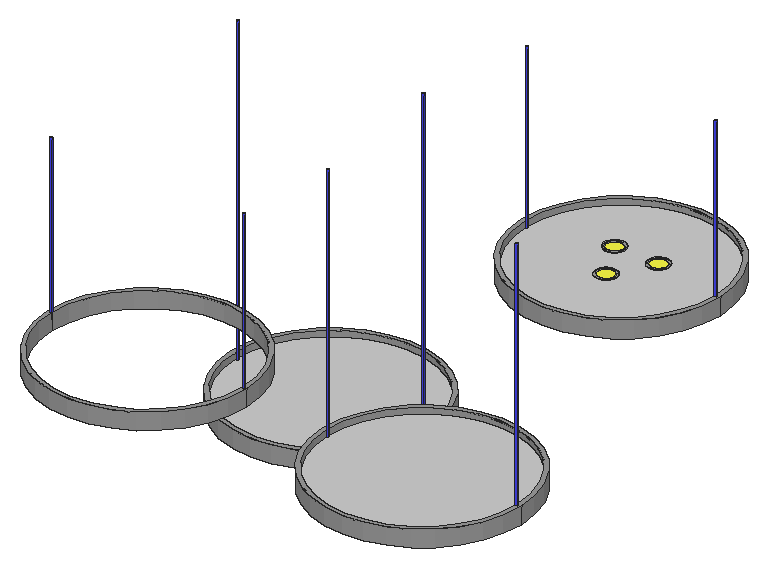
Revit family "CLD-FMD-009_CLUD MORPH_RFA", category Modelos genéricos, Revit 2022 (continued)
Forms (in)
  Extrusion 208, solid, not visible
    sketch origin (0, 24, 0) x (0, 1, 0) y (0, 0, 1)
      loop
        line (0.42351, 2.24072) -> (0.33294, 2.15016) -> (0.33294, 1.7291)
    from 0 to 96.9361
  Extrusion 209, solid, not visible
    sketch origin (0, 48, 0) x (0, 1, 0) y (0, 0, 1)
      loop
        line (0.42221, 1.66259) -> (0.42231, 0.67354)
        arc (0.42231, 0.67354) -> (0.41009, 0.64403) -> (0.38057, 0.6318) r 0.04174
        line (0.38057, 0.6318) -> (-0.00639, 0.6318) -> (-0.00639, 0.59057) -> (0.8874, 0.59057) -> (0.8874, 0.6318) -> (0.49998, 0.6318)
        arc (0.49998, 0.6318) -> (0.47046, 0.64403) -> (0.45824, 0.67354) r 0.04174
        line (0.45824, 0.67354) -> (0.45834, 1.66259)
        arc (0.45834, 1.66259) -> (0.46543, 1.67969) -> (0.48252, 1.68677) r 0.02418
        line (0.48252, 1.68677) -> (0.52252, 1.68677)
        arc (0.52252, 1.68677) -> (0.55303, 1.69941) -> (0.56566, 1.72991) r 0.04314
        line (0.56566, 1.72991) -> (0.56566, 2.14095)
        arc (0.56566, 2.14095) -> (0.5626, 2.15637) -> (0.55386, 2.16944) r 0.04029
        line (0.55386, 2.16944) -> (0.47053, 2.25277)
        arc (0.47053, 2.25277) -> (0.44027, 2.2653) -> (0.41002, 2.25277) r 0.04279
        line (0.41002, 2.25277) -> (0.32669, 2.16944)
        arc (0.32669, 2.16944) -> (0.31795, 2.15637) -> (0.31489, 2.14095) r 0.04029
        line (0.31489, 2.14095) -> (0.31489, 1.72991)
        arc (0.31489, 1.72991) -> (0.32752, 1.69941) -> (0.35803, 1.68677) r 0.04314
        line (0.35803, 1.68677) -> (0.39803, 1.68677)
        arc (0.39803, 1.68677) -> (0.41512, 1.67969) -> (0.42221, 1.66259) r 0.02418
      loop
        arc (0.33294, 1.7291) -> (0.34005, 1.71194) -> (0.35722, 1.70483) r 0.02428
        line (0.35722, 1.70483) -> (0.39815, 1.70483)
        arc (0.39815, 1.70483) -> (0.42797, 1.69248) -> (0.44023, 1.66266) r 0.04217
        arc (0.44023, 1.66266) -> (0.45258, 1.69248) -> (0.4824, 1.70483) r 0.04217
        line (0.4824, 1.70483) -> (0.52333, 1.70483)
        arc (0.52333, 1.70483) -> (0.54049, 1.71194) -> (0.54761, 1.7291) r 0.02428
        line (0.54761, 1.7291) -> (0.54761, 2.15016) -> (0.45704, 2.24072)
        arc (0.45704, 2.24072) -> (0.44027, 2.24767) -> (0.42351, 2.24072) r 0.02371
        line (0.42351, 2.24072) -> (0.33294, 2.15016) -> (0.33294, 1.7291)
    from 0 to 96.9361
  Extrusion 210, solid, not visible
    sketch origin (0, 72, 0) x (0, 1, 0) y (0, 0, 1)
      loop
        line (0.42221, 1.66259) -> (0.42231, 0.67354)
        arc (0.42231, 0.67354) -> (0.41009, 0.64403) -> (0.38057, 0.6318) r 0.04174
        line (0.38057, 0.6318) -> (-0.00639, 0.6318) -> (-0.00639, 0.59057) -> (0.8874, 0.59057) -> (0.8874, 0.6318) -> (0.49998, 0.6318)
        arc (0.49998, 0.6318) -> (0.47046, 0.64403) -> (0.45824, 0.67354) r 0.04174
        line (0.45824, 0.67354) -> (0.45834, 1.66259)
        arc (0.45834, 1.66259) -> (0.46543, 1.67969) -> (0.48252, 1.68677) r 0.02418
        line (0.48252, 1.68677) -> (0.52252, 1.68677)
        arc (0.52252, 1.68677) -> (0.55303, 1.69941) -> (0.56566, 1.72991) r 0.04314
        line (0.56566, 1.72991) -> (0.56566, 2.14095)
        arc (0.56566, 2.14095) -> (0.5626, 2.15637) -> (0.55386, 2.16944) r 0.04029
        line (0.55386, 2.16944) -> (0.47053, 2.25277)
        arc (0.47053, 2.25277) -> (0.44027, 2.2653) -> (0.41002, 2.25277) r 0.04279
        line (0.41002, 2.25277) -> (0.32669, 2.16944)
        arc (0.32669, 2.16944) -> (0.31795, 2.15637) -> (0.31489, 2.14095) r 0.04029
        line (0.31489, 2.14095) -> (0.31489, 1.72991)
        arc (0.31489, 1.72991) -> (0.32752, 1.69941) -> (0.35803, 1.68677) r 0.04314
        line (0.35803, 1.68677) -> (0.39803, 1.68677)
        arc (0.39803, 1.68677) -> (0.41512, 1.67969) -> (0.42221, 1.66259) r 0.02418
      loop
        arc (0.33294, 1.7291) -> (0.34005, 1.71194) -> (0.35722, 1.70483) r 0.02428
        line (0.35722, 1.70483) -> (0.39815, 1.70483)
        arc (0.39815, 1.70483) -> (0.42797, 1.69248) -> (0.44023, 1.66266) r 0.04217
        arc (0.44023, 1.66266) -> (0.45258, 1.69248) -> (0.4824, 1.70483) r 0.04217
        line (0.4824, 1.70483) -> (0.52333, 1.70483)
        arc (0.52333, 1.70483) -> (0.54049, 1.71194) -> (0.54761, 1.7291) r 0.02428
        line (0.54761, 1.7291) -> (0.54761, 2.15016) -> (0.45704, 2.24072)
        arc (0.45704, 2.24072) -> (0.44027, 2.24767) -> (0.42351, 2.24072) r 0.02371
        line (0.42351, 2.24072) -> (0.33294, 2.15016) -> (0.33294, 1.7291)
    from 0 to 96.9361
  Extrusion 211, solid, not visible
    sketch origin (0, 96, 0) x (0, 1, 0) y (0, 0, 1)
      loop
        line (0.42221, 1.66259) -> (0.42231, 0.67354)
        arc (0.42231, 0.67354) -> (0.41009, 0.64403) -> (0.38057, 0.6318) r 0.04174
        line (0.38057, 0.6318) -> (-0.00639, 0.6318) -> (-0.00639, 0.59057) -> (0.8874, 0.59057) -> (0.8874, 0.6318) -> (0.49998, 0.6318)
        arc (0.49998, 0.6318) -> (0.47046, 0.64403) -> (0.45824, 0.67354) r 0.04174
        line (0.45824, 0.67354) -> (0.45834, 1.66259)
        arc (0.45834, 1.66259) -> (0.46543, 1.67969) -> (0.48252, 1.68677) r 0.02418
        line (0.48252, 1.68677) -> (0.52252, 1.68677)
        arc (0.52252, 1.68677) -> (0.55303, 1.69941) -> (0.56566, 1.72991) r 0.04314
        line (0.56566, 1.72991) -> (0.56566, 2.14095)
        arc (0.56566, 2.14095) -> (0.5626, 2.15637) -> (0.55386, 2.16944) r 0.04029
        line (0.55386, 2.16944) -> (0.47053, 2.25277)
        arc (0.47053, 2.25277) -> (0.44027, 2.2653) -> (0.41002, 2.25277) r 0.04279
        line (0.41002, 2.25277) -> (0.32669, 2.16944)
        arc (0.32669, 2.16944) -> (0.31795, 2.15637) -> (0.31489, 2.14095) r 0.04029
        line (0.31489, 2.14095) -> (0.31489, 1.72991)
        arc (0.31489, 1.72991) -> (0.32752, 1.69941) -> (0.35803, 1.68677) r 0.04314
        line (0.35803, 1.68677) -> (0.39803, 1.68677)
        arc (0.39803, 1.68677) -> (0.41512, 1.67969) -> (0.42221, 1.66259) r 0.02418
      loop
        arc (0.33294, 1.7291) -> (0.34005, 1.71194) -> (0.35722, 1.70483) r 0.02428
        line (0.35722, 1.70483) -> (0.39815, 1.70483)
        arc (0.39815, 1.70483) -> (0.42797, 1.69248) -> (0.44023, 1.66266) r 0.04217
        arc (0.44023, 1.66266) -> (0.45258, 1.69248) -> (0.4824, 1.70483) r 0.04217
        line (0.4824, 1.70483) -> (0.52333, 1.70483)
        arc (0.52333, 1.70483) -> (0.54049, 1.71194) -> (0.54761, 1.7291) r 0.02428
        line (0.54761, 1.7291) -> (0.54761, 2.15016) -> (0.45704, 2.24072)
        arc (0.45704, 2.24072) -> (0.44027, 2.24767) -> (0.42351, 2.24072) r 0.02371
        line (0.42351, 2.24072) -> (0.33294, 2.15016) -> (0.33294, 1.7291)
    from 0 to 96.9361
  Extrusion 212, solid, not visible
    sketch origin (48.02754, 154.90856, 0) x (1, 0, 0) y (0, 0, 1)
      loop
        line (0.42221, 1.66259) -> (0.42231, 0.67354)
        arc (0.42231, 0.67354) -> (0.41009, 0.64403) -> (0.38057, 0.6318) r 0.04174
        line (0.38057, 0.6318) -> (-0.00639, 0.6318) -> (-0.00639, 0.59057) -> (0.8874, 0.59057) -> (0.8874, 0.6318) -> (0.49998, 0.6318)
        arc (0.49998, 0.6318) -> (0.47046, 0.64403) -> (0.45824, 0.67354) r 0.04174
        line (0.45824, 0.67354) -> (0.45834, 1.66259)
        arc (0.45834, 1.66259) -> (0.46543, 1.67969) -> (0.48252, 1.68677) r 0.02418
        line (0.48252, 1.68677) -> (0.52252, 1.68677)
        arc (0.52252, 1.68677) -> (0.55303, 1.69941) -> (0.56566, 1.72991) r 0.04314
        line (0.56566, 1.72991) -> (0.56566, 2.14095)
        arc (0.56566, 2.14095) -> (0.5626, 2.15637) -> (0.55386, 2.16944) r 0.04029
        line (0.55386, 2.16944) -> (0.47053, 2.25277)
        arc (0.47053, 2.25277) -> (0.44027, 2.2653) -> (0.41002, 2.25277) r 0.04279
        line (0.41002, 2.25277) -> (0.32669, 2.16944)
        arc (0.32669, 2.16944) -> (0.31795, 2.15637) -> (0.31489, 2.14095) r 0.04029
        line (0.31489, 2.14095) -> (0.31489, 1.72991)
        arc (0.31489, 1.72991) -> (0.32752, 1.69941) -> (0.35803, 1.68677) r 0.04314
        line (0.35803, 1.68677) -> (0.39803, 1.68677)
        arc (0.39803, 1.68677) -> (0.41512, 1.67969) -> (0.42221, 1.66259) r 0.02418
      loop
        arc (0.33294, 1.7291) -> (0.34005, 1.71194) -> (0.35722, 1.70483) r 0.02428
        line (0.35722, 1.70483) -> (0.39815, 1.70483)
        arc (0.39815, 1.70483) -> (0.42797, 1.69248) -> (0.44023, 1.66266) r 0.04217
        arc (0.44023, 1.66266) -> (0.45258, 1.69248) -> (0.4824, 1.70483) r 0.04217
        line (0.4824, 1.70483) -> (0.52333, 1.70483)
        arc (0.52333, 1.70483) -> (0.54049, 1.71194) -> (0.54761, 1.7291) r 0.02428
        line (0.54761, 1.7291) -> (0.54761, 2.15016) -> (0.45704, 2.24072)
        arc (0.45704, 2.24072) -> (0.44027, 2.24767) -> (0.42351, 2.24072) r 0.02371
        line (0.42351, 2.24072) -> (0.33294, 2.15016) -> (0.33294, 1.7291)
    from 58.93614 to 81.99864
  Extrusion 213, solid, not visible
    sketch origin (72.02767, 154.90856, 0) x (1, 0, 0) y (0, 0, 1)
      loop
        line (0.42221, 1.66259) -> (0.42231, 0.67354)
        arc (0.42231, 0.67354) -> (0.41009, 0.64403) -> (0.38057, 0.6318) r 0.04174
        line (0.38057, 0.6318) -> (-0.00639, 0.6318) -> (-0.00639, 0.59057) -> (0.8874, 0.59057) -> (0.8874, 0.6318) -> (0.49998, 0.6318)
        arc (0.49998, 0.6318) -> (0.47046, 0.64403) -> (0.45824, 0.67354) r 0.04174
        line (0.45824, 0.67354) -> (0.45834, 1.66259)
        arc (0.45834, 1.66259) -> (0.46543, 1.67969) -> (0.48252, 1.68677) r 0.02418
        line (0.48252, 1.68677) -> (0.52252, 1.68677)
        arc (0.52252, 1.68677) -> (0.55303, 1.69941) -> (0.56566, 1.72991) r 0.04314
        line (0.56566, 1.72991) -> (0.56566, 2.14095)
        arc (0.56566, 2.14095) -> (0.5626, 2.15637) -> (0.55386, 2.16944) r 0.04029
        line (0.55386, 2.16944) -> (0.47053, 2.25277)
        arc (0.47053, 2.25277) -> (0.44027, 2.2653) -> (0.41002, 2.25277) r 0.04279
        line (0.41002, 2.25277) -> (0.32669, 2.16944)
        arc (0.32669, 2.16944) -> (0.31795, 2.15637) -> (0.31489, 2.14095) r 0.04029
        line (0.31489, 2.14095) -> (0.31489, 1.72991)
        arc (0.31489, 1.72991) -> (0.32752, 1.69941) -> (0.35803, 1.68677) r 0.04314
        line (0.35803, 1.68677) -> (0.39803, 1.68677)
        arc (0.39803, 1.68677) -> (0.41512, 1.67969) -> (0.42221, 1.66259) r 0.02418
      loop
        arc (0.33294, 1.7291) -> (0.34005, 1.71194) -> (0.35722, 1.70483) r 0.02428
        line (0.35722, 1.70483) -> (0.39815, 1.70483)
        arc (0.39815, 1.70483) -> (0.42797, 1.69248) -> (0.44023, 1.66266) r 0.04217
        arc (0.44023, 1.66266) -> (0.45258, 1.69248) -> (0.4824, 1.70483) r 0.04217
        line (0.4824, 1.70483) -> (0.52333, 1.70483)
        arc (0.52333, 1.70483) -> (0.54049, 1.71194) -> (0.54761, 1.7291) r 0.02428
        line (0.54761, 1.7291) -> (0.54761, 2.15016) -> (0.45704, 2.24072)
        arc (0.45704, 2.24072) -> (0.44027, 2.24767) -> (0.42351, 2.24072) r 0.02371
        line (0.42351, 2.24072) -> (0.33294, 2.15016) -> (0.33294, 1.7291)
    from 58.93614 to 81.99864
  Extrusion 214, solid, not visible
    sketch origin (96.02767, 154.90856, 0) x (1, 0, 0) y (0, 0, 1)
      loop
        line (0.42221, 1.66259) -> (0.42231, 0.67354)
        arc (0.42231, 0.67354) -> (0.41009, 0.64403) -> (0.38057, 0.6318) r 0.04174
        line (0.38057, 0.6318) -> (-0.00639, 0.6318) -> (-0.00639, 0.59057) -> (0.8874, 0.59057) -> (0.8874, 0.6318) -> (0.49998, 0.6318)
        arc (0.49998, 0.6318) -> (0.47046, 0.64403) -> (0.45824, 0.67354) r 0.04174
        line (0.45824, 0.67354) -> (0.45834, 1.66259)
        arc (0.45834, 1.66259) -> (0.46543, 1.67969) -> (0.48252, 1.68677) r 0.02418
        line (0.48252, 1.68677) -> (0.52252, 1.68677)
        arc (0.52252, 1.68677) -> (0.55303, 1.69941) -> (0.56566, 1.72991) r 0.04314
        line (0.56566, 1.72991) -> (0.56566, 2.14095)
        arc (0.56566, 2.14095) -> (0.5626, 2.15637) -> (0.55386, 2.16944) r 0.04029
        line (0.55386, 2.16944) -> (0.47053, 2.25277)
        arc (0.47053, 2.25277) -> (0.44027, 2.2653) -> (0.41002, 2.25277) r 0.04279
        line (0.41002, 2.25277) -> (0.32669, 2.16944)
        arc (0.32669, 2.16944) -> (0.31795, 2.15637) -> (0.31489, 2.14095) r 0.04029
        line (0.31489, 2.14095) -> (0.31489, 1.72991)
        arc (0.31489, 1.72991) -> (0.32752, 1.69941) -> (0.35803, 1.68677) r 0.04314
        line (0.35803, 1.68677) -> (0.39803, 1.68677)
        arc (0.39803, 1.68677) -> (0.41512, 1.67969) -> (0.42221, 1.66259) r 0.02418
      loop
        arc (0.33294, 1.7291) -> (0.34005, 1.71194) -> (0.35722, 1.70483) r 0.02428
        line (0.35722, 1.70483) -> (0.39815, 1.70483)
        arc (0.39815, 1.70483) -> (0.42797, 1.69248) -> (0.44023, 1.66266) r 0.04217
        arc (0.44023, 1.66266) -> (0.45258, 1.69248) -> (0.4824, 1.70483) r 0.04217
        line (0.4824, 1.70483) -> (0.52333, 1.70483)
        arc (0.52333, 1.70483) -> (0.54049, 1.71194) -> (0.54761, 1.7291) r 0.02428
        line (0.54761, 1.7291) -> (0.54761, 2.15016) -> (0.45704, 2.24072)
        arc (0.45704, 2.24072) -> (0.44027, 2.24767) -> (0.42351, 2.24072) r 0.02371
        line (0.42351, 2.24072) -> (0.33294, 2.15016) -> (0.33294, 1.7291)
    from 58.93614 to 81.99864
  Extrusion 215, solid, not visible
    sketch origin (24.02767, 154.90856, 0) x (1, 0, 0) y (0, 0, 1)
      loop
        line (0.42221, 1.66259) -> (0.42231, 0.67354)
        arc (0.42231, 0.67354) -> (0.41009, 0.64403) -> (0.38057, 0.6318) r 0.04174
        line (0.38057, 0.6318) -> (-0.00639, 0.6318) -> (-0.00639, 0.59057) -> (0.8874, 0.59057) -> (0.8874, 0.6318) -> (0.49998, 0.6318)
        arc (0.49998, 0.6318) -> (0.47046, 0.64403) -> (0.45824, 0.67354) r 0.04174
        line (0.45824, 0.67354) -> (0.45834, 1.66259)
        arc (0.45834, 1.66259) -> (0.46543, 1.67969) -> (0.48252, 1.68677) r 0.02418
        line (0.48252, 1.68677) -> (0.52252, 1.68677)
        arc (0.52252, 1.68677) -> (0.55303, 1.69941) -> (0.56566, 1.72991) r 0.04314
        line (0.56566, 1.72991) -> (0.56566, 2.14095)
        arc (0.56566, 2.14095) -> (0.5626, 2.15637) -> (0.55386, 2.16944) r 0.04029
        line (0.55386, 2.16944) -> (0.47053, 2.25277)
        arc (0.47053, 2.25277) -> (0.44027, 2.2653) -> (0.41002, 2.25277) r 0.04279
        line (0.41002, 2.25277) -> (0.32669, 2.16944)
        arc (0.32669, 2.16944) -> (0.31795, 2.15637) -> (0.31489, 2.14095) r 0.04029
        line (0.31489, 2.14095) -> (0.31489, 1.72991)
        arc (0.31489, 1.72991) -> (0.32752, 1.69941) -> (0.35803, 1.68677) r 0.04314
        line (0.35803, 1.68677) -> (0.39803, 1.68677)
        arc (0.39803, 1.68677) -> (0.41512, 1.67969) -> (0.42221, 1.66259) r 0.02418
      loop
        arc (0.33294, 1.7291) -> (0.34005, 1.71194) -> (0.35722, 1.70483) r 0.02428
        line (0.35722, 1.70483) -> (0.39815, 1.70483)
        arc (0.39815, 1.70483) -> (0.42797, 1.69248) -> (0.44023, 1.66266) r 0.04217
        arc (0.44023, 1.66266) -> (0.45258, 1.69248) -> (0.4824, 1.70483) r 0.04217
        line (0.4824, 1.70483) -> (0.52333, 1.70483)
        arc (0.52333, 1.70483) -> (0.54049, 1.71194) -> (0.54761, 1.7291) r 0.02428
        line (0.54761, 1.7291) -> (0.54761, 2.15016) -> (0.45704, 2.24072)
        arc (0.45704, 2.24072) -> (0.44027, 2.24767) -> (0.42351, 2.24072) r 0.02371
        line (0.42351, 2.24072) -> (0.33294, 2.15016) -> (0.33294, 1.7291)
    from 58.93614 to 81.99864
  Extrusion 216, solid, not visible
    sketch origin (0.02767, 154.90856, 0) x (1, 0, 0) y (0, 0, 1)
      loop
        line (0.42221, 1.66259) -> (0.42231, 0.67354)
        arc (0.42231, 0.67354) -> (0.41009, 0.64403) -> (0.38057, 0.6318) r 0.04174
        line (0.38057, 0.6318) -> (-0.00639, 0.6318) -> (-0.00639, 0.59057) -> (0.8874, 0.59057) -> (0.8874, 0.6318) -> (0.49998, 0.6318)
        arc (0.49998, 0.6318) -> (0.47046, 0.64403) -> (0.45824, 0.67354) r 0.04174
        line (0.45824, 0.67354) -> (0.45834, 1.66259)
        arc (0.45834, 1.66259) -> (0.46543, 1.67969) -> (0.48252, 1.68677) r 0.02418
        line (0.48252, 1.68677) -> (0.52252, 1.68677)
        arc (0.52252, 1.68677) -> (0.55303, 1.69941) -> (0.56566, 1.72991) r 0.04314
        line (0.56566, 1.72991) -> (0.56566, 2.14095)
        arc (0.56566, 2.14095) -> (0.5626, 2.15637) -> (0.55386, 2.16944) r 0.04029
        line (0.55386, 2.16944) -> (0.47053, 2.25277)
        arc (0.47053, 2.25277) -> (0.44027, 2.2653) -> (0.41002, 2.25277) r 0.04279
        line (0.41002, 2.25277) -> (0.32669, 2.16944)
        arc (0.32669, 2.16944) -> (0.31795, 2.15637) -> (0.31489, 2.14095) r 0.04029
        line (0.31489, 2.14095) -> (0.31489, 1.72991)
        arc (0.31489, 1.72991) -> (0.32752, 1.69941) -> (0.35803, 1.68677) r 0.04314
        line (0.35803, 1.68677) -> (0.39803, 1.68677)
        arc (0.39803, 1.68677) -> (0.41512, 1.67969) -> (0.42221, 1.66259) r 0.02418
      loop
        arc (0.33294, 1.7291) -> (0.34005, 1.71194) -> (0.35722, 1.70483) r 0.02428
        line (0.35722, 1.70483) -> (0.39815, 1.70483)
        arc (0.39815, 1.70483) -> (0.42797, 1.69248) -> (0.44023, 1.66266) r 0.04217
        arc (0.44023, 1.66266) -> (0.45258, 1.69248) -> (0.4824, 1.70483) r 0.04217
        line (0.4824, 1.70483) -> (0.52333, 1.70483)
        arc (0.52333, 1.70483) -> (0.54049, 1.71194) -> (0.54761, 1.7291) r 0.02428
        line (0.54761, 1.7291) -> (0.54761, 2.15016) -> (0.45704, 2.24072)
        arc (0.45704, 2.24072) -> (0.44027, 2.24767) -> (0.42351, 2.24072) r 0.02371
        line (0.42351, 2.24072) -> (0.33294, 2.15016) -> (0.33294, 1.7291)
    from 58.93614 to 81.99864
  Extrusion 217, solid, not visible
    sketch origin (48.02754, 130.90855, 0) x (1, 0, 0) y (0, 0, 1)
      loop
        line (0.42221, 1.66259) -> (0.42231, 0.67354)
        arc (0.42231, 0.67354) -> (0.41009, 0.64403) -> (0.38057, 0.6318) r 0.04174
        line (0.38057, 0.6318) -> (-0.00639, 0.6318) -> (-0.00639, 0.59057) -> (0.8874, 0.59057) -> (0.8874, 0.6318) -> (0.49998, 0.6318)
        arc (0.49998, 0.6318) -> (0.47046, 0.64403) -> (0.45824, 0.67354) r 0.04174
        line (0.45824, 0.67354) -> (0.45834, 1.66259)
        arc (0.45834, 1.66259) -> (0.46543, 1.67969) -> (0.48252, 1.68677) r 0.02418
        line (0.48252, 1.68677) -> (0.52252, 1.68677)
        arc (0.52252, 1.68677) -> (0.55303, 1.69941) -> (0.56566, 1.72991) r 0.04314
        line (0.56566, 1.72991) -> (0.56566, 2.14095)
        arc (0.56566, 2.14095) -> (0.5626, 2.15637) -> (0.55386, 2.16944) r 0.04029
        line (0.55386, 2.16944) -> (0.47053, 2.25277)
        arc (0.47053, 2.25277) -> (0.44027, 2.2653) -> (0.41002, 2.25277) r 0.04279
        line (0.41002, 2.25277) -> (0.32669, 2.16944)
        arc (0.32669, 2.16944) -> (0.31795, 2.15637) -> (0.31489, 2.14095) r 0.04029
        line (0.31489, 2.14095) -> (0.31489, 1.72991)
        arc (0.31489, 1.72991) -> (0.32752, 1.69941) -> (0.35803, 1.68677) r 0.04314
        line (0.35803, 1.68677) -> (0.39803, 1.68677)
        arc (0.39803, 1.68677) -> (0.41512, 1.67969) -> (0.42221, 1.66259) r 0.02418
      loop
        arc (0.33294, 1.7291) -> (0.34005, 1.71194) -> (0.35722, 1.70483) r 0.02428
        line (0.35722, 1.70483) -> (0.39815, 1.70483)
        arc (0.39815, 1.70483) -> (0.42797, 1.69248) -> (0.44023, 1.66266) r 0.04217
        arc (0.44023, 1.66266) -> (0.45258, 1.69248) -> (0.4824, 1.70483) r 0.04217
        line (0.4824, 1.70483) -> (0.52333, 1.70483)
        arc (0.52333, 1.70483) -> (0.54049, 1.71194) -> (0.54761, 1.7291) r 0.02428
        line (0.54761, 1.7291) -> (0.54761, 2.15016) -> (0.45704, 2.24072)
        arc (0.45704, 2.24072) -> (0.44027, 2.24767) -> (0.42351, 2.24072) r 0.02371
        line (0.42351, 2.24072) -> (0.33294, 2.15016) -> (0.33294, 1.7291)
    from 58.93614 to 81.99864
  Extrusion 218, solid, not visible
    sketch origin (72.02767, 130.90855, 0) x (1, 0, 0) y (0, 0, 1)
      loop
        line (0.42221, 1.66259) -> (0.42231, 0.67354)
        arc (0.42231, 0.67354) -> (0.41009, 0.64403) -> (0.38057, 0.6318) r 0.04174
        line (0.38057, 0.6318) -> (-0.00639, 0.6318) -> (-0.00639, 0.59057) -> (0.8874, 0.59057) -> (0.8874, 0.6318) -> (0.49998, 0.6318)
        arc (0.49998, 0.6318) -> (0.47046, 0.64403) -> (0.45824, 0.67354) r 0.04174
        line (0.45824, 0.67354) -> (0.45834, 1.66259)
        arc (0.45834, 1.66259) -> (0.46543, 1.67969) -> (0.48252, 1.68677) r 0.02418
        line (0.48252, 1.68677) -> (0.52252, 1.68677)
        arc (0.52252, 1.68677) -> (0.55303, 1.69941) -> (0.56566, 1.72991) r 0.04314
        line (0.56566, 1.72991) -> (0.56566, 2.14095)
        arc (0.56566, 2.14095) -> (0.5626, 2.15637) -> (0.55386, 2.16944) r 0.04029
        line (0.55386, 2.16944) -> (0.47053, 2.25277)
        arc (0.47053, 2.25277) -> (0.44027, 2.2653) -> (0.41002, 2.25277) r 0.04279
        line (0.41002, 2.25277) -> (0.32669, 2.16944)
        arc (0.32669, 2.16944) -> (0.31795, 2.15637) -> (0.31489, 2.14095) r 0.04029
        line (0.31489, 2.14095) -> (0.31489, 1.72991)
        arc (0.31489, 1.72991) -> (0.32752, 1.69941) -> (0.35803, 1.68677) r 0.04314
        line (0.35803, 1.68677) -> (0.39803, 1.68677)
        arc (0.39803, 1.68677) -> (0.41512, 1.67969) -> (0.42221, 1.66259) r 0.02418
      loop
        arc (0.33294, 1.7291) -> (0.34005, 1.71194) -> (0.35722, 1.70483) r 0.02428
        line (0.35722, 1.70483) -> (0.39815, 1.70483)
        arc (0.39815, 1.70483) -> (0.42797, 1.69248) -> (0.44023, 1.66266) r 0.04217
        arc (0.44023, 1.66266) -> (0.45258, 1.69248) -> (0.4824, 1.70483) r 0.04217
        line (0.4824, 1.70483) -> (0.52333, 1.70483)
        arc (0.52333, 1.70483) -> (0.54049, 1.71194) -> (0.54761, 1.7291) r 0.02428
        line (0.54761, 1.7291) -> (0.54761, 2.15016) -> (0.45704, 2.24072)
        arc (0.45704, 2.24072) -> (0.44027, 2.24767) -> (0.42351, 2.24072) r 0.02371
        line (0.42351, 2.24072) -> (0.33294, 2.15016) -> (0.33294, 1.7291)
    from 58.93614 to 81.99864
  Extrusion 219, solid, not visible
    sketch origin (96.02767, 130.90855, 0) x (1, 0, 0) y (0, 0, 1)
      loop
        line (0.42221, 1.66259) -> (0.42231, 0.67354)
        arc (0.42231, 0.67354) -> (0.41009, 0.64403) -> (0.38057, 0.6318) r 0.04174
        line (0.38057, 0.6318) -> (-0.00639, 0.6318) -> (-0.00639, 0.59057) -> (0.8874, 0.59057) -> (0.8874, 0.6318) -> (0.49998, 0.6318)
        arc (0.49998, 0.6318) -> (0.47046, 0.64403) -> (0.45824, 0.67354) r 0.04174
        line (0.45824, 0.67354) -> (0.45834, 1.66259)
        arc (0.45834, 1.66259) -> (0.46543, 1.67969) -> (0.48252, 1.68677) r 0.02418
        line (0.48252, 1.68677) -> (0.52252, 1.68677)
        arc (0.52252, 1.68677) -> (0.55303, 1.69941) -> (0.56566, 1.72991) r 0.04314
        line (0.56566, 1.72991) -> (0.56566, 2.14095)
        arc (0.56566, 2.14095) -> (0.5626, 2.15637) -> (0.55386, 2.16944) r 0.04029
        line (0.55386, 2.16944) -> (0.47053, 2.25277)
        arc (0.47053, 2.25277) -> (0.44027, 2.2653) -> (0.41002, 2.25277) r 0.04279
        line (0.41002, 2.25277) -> (0.32669, 2.16944)
        arc (0.32669, 2.16944) -> (0.31795, 2.15637) -> (0.31489, 2.14095) r 0.04029
        line (0.31489, 2.14095) -> (0.31489, 1.72991)
        arc (0.31489, 1.72991) -> (0.32752, 1.69941) -> (0.35803, 1.68677) r 0.04314
        line (0.35803, 1.68677) -> (0.39803, 1.68677)
        arc (0.39803, 1.68677) -> (0.41512, 1.67969) -> (0.42221, 1.66259) r 0.02418
      loop
        arc (0.33294, 1.7291) -> (0.34005, 1.71194) -> (0.35722, 1.70483) r 0.02428
        line (0.35722, 1.70483) -> (0.39815, 1.70483)
        arc (0.39815, 1.70483) -> (0.42797, 1.69248) -> (0.44023, 1.66266) r 0.04217
        arc (0.44023, 1.66266) -> (0.45258, 1.69248) -> (0.4824, 1.70483) r 0.04217
        line (0.4824, 1.70483) -> (0.52333, 1.70483)
        arc (0.52333, 1.70483) -> (0.54049, 1.71194) -> (0.54761, 1.7291) r 0.02428
        line (0.54761, 1.7291) -> (0.54761, 2.15016) -> (0.45704, 2.24072)
        arc (0.45704, 2.24072) -> (0.44027, 2.24767) -> (0.42351, 2.24072) r 0.02371
        line (0.42351, 2.24072) -> (0.33294, 2.15016) -> (0.33294, 1.7291)
    from 58.93614 to 81.99864
  Extrusion 220, solid, not visible
    sketch origin (24.02767, 130.90855, 0) x (1, 0, 0) y (0, 0, 1)
      loop
        line (0.42221, 1.66259) -> (0.42231, 0.67354)
        arc (0.42231, 0.67354) -> (0.41009, 0.64403) -> (0.38057, 0.6318) r 0.04174
        line (0.38057, 0.6318) -> (-0.00639, 0.6318) -> (-0.00639, 0.59057) -> (0.8874, 0.59057) -> (0.8874, 0.6318) -> (0.49998, 0.6318)
        arc (0.49998, 0.6318) -> (0.47046, 0.64403) -> (0.45824, 0.67354) r 0.04174
        line (0.45824, 0.67354) -> (0.45834, 1.66259)
        arc (0.45834, 1.66259) -> (0.46543, 1.67969) -> (0.48252, 1.68677) r 0.02418
        line (0.48252, 1.68677) -> (0.52252, 1.68677)
        arc (0.52252, 1.68677) -> (0.55303, 1.69941) -> (0.56566, 1.72991) r 0.04314
        line (0.56566, 1.72991) -> (0.56566, 2.14095)
        arc (0.56566, 2.14095) -> (0.5626, 2.15637) -> (0.55386, 2.16944) r 0.04029
        line (0.55386, 2.16944) -> (0.47053, 2.25277)
        arc (0.47053, 2.25277) -> (0.44027, 2.2653) -> (0.41002, 2.25277) r 0.04279
        line (0.41002, 2.25277) -> (0.32669, 2.16944)
        arc (0.32669, 2.16944) -> (0.31795, 2.15637) -> (0.31489, 2.14095) r 0.04029
        line (0.31489, 2.14095) -> (0.31489, 1.72991)
        arc (0.31489, 1.72991) -> (0.32752, 1.69941) -> (0.35803, 1.68677) r 0.04314
        line (0.35803, 1.68677) -> (0.39803, 1.68677)
        arc (0.39803, 1.68677) -> (0.41512, 1.67969) -> (0.42221, 1.66259) r 0.02418
      loop
        arc (0.33294, 1.7291) -> (0.34005, 1.71194) -> (0.35722, 1.70483) r 0.02428
        line (0.35722, 1.70483) -> (0.39815, 1.70483)
        arc (0.39815, 1.70483) -> (0.42797, 1.69248) -> (0.44023, 1.66266) r 0.04217
        arc (0.44023, 1.66266) -> (0.45258, 1.69248) -> (0.4824, 1.70483) r 0.04217
        line (0.4824, 1.70483) -> (0.52333, 1.70483)
        arc (0.52333, 1.70483) -> (0.54049, 1.71194) -> (0.54761, 1.7291) r 0.02428
        line (0.54761, 1.7291) -> (0.54761, 2.15016) -> (0.45704, 2.24072)
        arc (0.45704, 2.24072) -> (0.44027, 2.24767) -> (0.42351, 2.24072) r 0.02371
        line (0.42351, 2.24072) -> (0.33294, 2.15016) -> (0.33294, 1.7291)
    from 58.93614 to 81.99864
  Extrusion 221, solid, not visible
    sketch origin (0.02767, 130.90855, 0) x (1, 0, 0) y (0, 0, 1)
      loop
        line (0.42221, 1.66259) -> (0.42231, 0.67354)
        arc (0.42231, 0.67354) -> (0.41009, 0.64403) -> (0.38057, 0.6318) r 0.04174
        line (0.38057, 0.6318) -> (-0.00639, 0.6318) -> (-0.00639, 0.59057) -> (0.8874, 0.59057) -> (0.8874, 0.6318) -> (0.49998, 0.6318)
        arc (0.49998, 0.6318) -> (0.47046, 0.64403) -> (0.45824, 0.67354) r 0.04174
        line (0.45824, 0.67354) -> (0.45834, 1.66259)
        arc (0.45834, 1.66259) -> (0.46543, 1.67969) -> (0.48252, 1.68677) r 0.02418
        line (0.48252, 1.68677) -> (0.52252, 1.68677)
        arc (0.52252, 1.68677) -> (0.55303, 1.69941) -> (0.56566, 1.72991) r 0.04314
        line (0.56566, 1.72991) -> (0.56566, 2.14095)
        arc (0.56566, 2.14095) -> (0.5626, 2.15637) -> (0.55386, 2.16944) r 0.04029
        line (0.55386, 2.16944) -> (0.47053, 2.25277)
        arc (0.47053, 2.25277) -> (0.44027, 2.2653) -> (0.41002, 2.25277) r 0.04279
        line (0.41002, 2.25277) -> (0.32669, 2.16944)
        arc (0.32669, 2.16944) -> (0.31795, 2.15637) -> (0.31489, 2.14095) r 0.04029
        line (0.31489, 2.14095) -> (0.31489, 1.72991)
        arc (0.31489, 1.72991) -> (0.32752, 1.69941) -> (0.35803, 1.68677) r 0.04314
        line (0.35803, 1.68677) -> (0.39803, 1.68677)
        arc (0.39803, 1.68677) -> (0.41512, 1.67969) -> (0.42221, 1.66259) r 0.02418
      loop
        arc (0.33294, 1.7291) -> (0.34005, 1.71194) -> (0.35722, 1.70483) r 0.02428
        line (0.35722, 1.70483) -> (0.39815, 1.70483)
        arc (0.39815, 1.70483) -> (0.42797, 1.69248) -> (0.44023, 1.66266) r 0.04217
        arc (0.44023, 1.66266) -> (0.45258, 1.69248) -> (0.4824, 1.70483) r 0.04217
        line (0.4824, 1.70483) -> (0.52333, 1.70483)
        arc (0.52333, 1.70483) -> (0.54049, 1.71194) -> (0.54761, 1.7291) r 0.02428
        line (0.54761, 1.7291) -> (0.54761, 2.15016) -> (0.45704, 2.24072)
        arc (0.45704, 2.24072) -> (0.44027, 2.24767) -> (0.42351, 2.24072) r 0.02371
        line (0.42351, 2.24072) -> (0.33294, 2.15016) -> (0.33294, 1.7291)
    from 58.93614 to 81.99864
  Extrusion 222, solid, not visible
    sketch origin (48.02754, 106.90856, 0) x (1, 0, 0) y (0, 0, 1)
      loop
        line (0.42221, 1.66259) -> (0.42231, 0.67354)
        arc (0.42231, 0.67354) -> (0.41009, 0.64403) -> (0.38057, 0.6318) r 0.04174
        line (0.38057, 0.6318) -> (-0.00639, 0.6318) -> (-0.00639, 0.59057) -> (0.8874, 0.59057) -> (0.8874, 0.6318) -> (0.49998, 0.6318)
        arc (0.49998, 0.6318) -> (0.47046, 0.64403) -> (0.45824, 0.67354) r 0.04174
        line (0.45824, 0.67354) -> (0.45834, 1.66259)
        arc (0.45834, 1.66259) -> (0.46543, 1.67969) -> (0.48252, 1.68677) r 0.02418
        line (0.48252, 1.68677) -> (0.52252, 1.68677)
        arc (0.52252, 1.68677) -> (0.55303, 1.69941) -> (0.56566, 1.72991) r 0.04314
        line (0.56566, 1.72991) -> (0.56566, 2.14095)
        arc (0.56566, 2.14095) -> (0.5626, 2.15637) -> (0.55386, 2.16944) r 0.04029
        line (0.55386, 2.16944) -> (0.47053, 2.25277)
        arc (0.47053, 2.25277) -> (0.44027, 2.2653) -> (0.41002, 2.25277) r 0.04279
        line (0.41002, 2.25277) -> (0.32669, 2.16944)
        arc (0.32669, 2.16944) -> (0.31795, 2.15637) -> (0.31489, 2.14095) r 0.04029
        line (0.31489, 2.14095) -> (0.31489, 1.72991)
        arc (0.31489, 1.72991) -> (0.32752, 1.69941) -> (0.35803, 1.68677) r 0.04314
        line (0.35803, 1.68677) -> (0.39803, 1.68677)
        arc (0.39803, 1.68677) -> (0.41512, 1.67969) -> (0.42221, 1.66259) r 0.02418
      loop
        arc (0.33294, 1.7291) -> (0.34005, 1.71194) -> (0.35722, 1.70483) r 0.02428
        line (0.35722, 1.70483) -> (0.39815, 1.70483)
        arc (0.39815, 1.70483) -> (0.42797, 1.69248) -> (0.44023, 1.66266) r 0.04217
        arc (0.44023, 1.66266) -> (0.45258, 1.69248) -> (0.4824, 1.70483) r 0.04217
        line (0.4824, 1.70483) -> (0.52333, 1.70483)
        arc (0.52333, 1.70483) -> (0.54049, 1.71194) -> (0.54761, 1.7291) r 0.02428
        line (0.54761, 1.7291) -> (0.54761, 2.15016) -> (0.45704, 2.24072)
        arc (0.45704, 2.24072) -> (0.44027, 2.24767) -> (0.42351, 2.24072) r 0.02371
        line (0.42351, 2.24072) -> (0.33294, 2.15016) -> (0.33294, 1.7291)
    from 58.93614 to 81.99864
  Extrusion 223, solid, not visible
    sketch origin (72.02767, 106.90856, 0) x (1, 0, 0) y (0, 0, 1)
      loop
        line (0.42221, 1.66259) -> (0.42231, 0.67354)
        arc (0.42231, 0.67354) -> (0.41009, 0.64403) -> (0.38057, 0.6318) r 0.04174
        line (0.38057, 0.6318) -> (-0.00639, 0.6318) -> (-0.00639, 0.59057) -> (0.8874, 0.59057) -> (0.8874, 0.6318) -> (0.49998, 0.6318)
        arc (0.49998, 0.6318) -> (0.47046, 0.64403) -> (0.45824, 0.67354) r 0.04174
        line (0.45824, 0.67354) -> (0.45834, 1.66259)
        arc (0.45834, 1.66259) -> (0.46543, 1.67969) -> (0.48252, 1.68677) r 0.02418
        line (0.48252, 1.68677) -> (0.52252, 1.68677)
        arc (0.52252, 1.68677) -> (0.55303, 1.69941) -> (0.56566, 1.72991) r 0.04314
        line (0.56566, 1.72991) -> (0.56566, 2.14095)
        arc (0.56566, 2.14095) -> (0.5626, 2.15637) -> (0.55386, 2.16944) r 0.04029
        line (0.55386, 2.16944) -> (0.47053, 2.25277)
        arc (0.47053, 2.25277) -> (0.44027, 2.2653) -> (0.41002, 2.25277) r 0.04279
        line (0.41002, 2.25277) -> (0.32669, 2.16944)
        arc (0.32669, 2.16944) -> (0.31795, 2.15637) -> (0.31489, 2.14095) r 0.04029
        line (0.31489, 2.14095) -> (0.31489, 1.72991)
        arc (0.31489, 1.72991) -> (0.32752, 1.69941) -> (0.35803, 1.68677) r 0.04314
        line (0.35803, 1.68677) -> (0.39803, 1.68677)
        arc (0.39803, 1.68677) -> (0.41512, 1.67969) -> (0.42221, 1.66259) r 0.02418
      loop
        arc (0.33294, 1.7291) -> (0.34005, 1.71194) -> (0.35722, 1.70483) r 0.02428
        line (0.35722, 1.70483) -> (0.39815, 1.70483)
        arc (0.39815, 1.70483) -> (0.42797, 1.69248) -> (0.44023, 1.66266) r 0.04217
        arc (0.44023, 1.66266) -> (0.45258, 1.69248) -> (0.4824, 1.70483) r 0.04217
        line (0.4824, 1.70483) -> (0.52333, 1.70483)
        arc (0.52333, 1.70483) -> (0.54049, 1.71194) -> (0.54761, 1.7291) r 0.02428
        line (0.54761, 1.7291) -> (0.54761, 2.15016) -> (0.45704, 2.24072)
        arc (0.45704, 2.24072) -> (0.44027, 2.24767) -> (0.42351, 2.24072) r 0.02371
        line (0.42351, 2.24072) -> (0.33294, 2.15016) -> (0.33294, 1.7291)
    from 58.93614 to 81.99864
  Extrusion 224, solid, not visible
    sketch origin (96.02767, 106.90856, 0) x (1, 0, 0) y (0, 0, 1)
      loop
        line (0.42221, 1.66259) -> (0.42231, 0.67354)
        arc (0.42231, 0.67354) -> (0.41009, 0.64403) -> (0.38057, 0.6318) r 0.04174
        line (0.38057, 0.6318) -> (-0.00639, 0.6318) -> (-0.00639, 0.59057) -> (0.8874, 0.59057) -> (0.8874, 0.6318) -> (0.49998, 0.6318)
        arc (0.49998, 0.6318) -> (0.47046, 0.64403) -> (0.45824, 0.67354) r 0.04174
        line (0.45824, 0.67354) -> (0.45834, 1.66259)
        arc (0.45834, 1.66259) -> (0.46543, 1.67969) -> (0.48252, 1.68677) r 0.02418
        line (0.48252, 1.68677) -> (0.52252, 1.68677)
        arc (0.52252, 1.68677) -> (0.55303, 1.69941) -> (0.56566, 1.72991) r 0.04314
        line (0.56566, 1.72991) -> (0.56566, 2.14095)
        arc (0.56566, 2.14095) -> (0.5626, 2.15637) -> (0.55386, 2.16944) r 0.04029
        line (0.55386, 2.16944) -> (0.47053, 2.25277)
        arc (0.47053, 2.25277) -> (0.44027, 2.2653) -> (0.41002, 2.25277) r 0.04279
        line (0.41002, 2.25277) -> (0.32669, 2.16944)
        arc (0.32669, 2.16944) -> (0.31795, 2.15637) -> (0.31489, 2.14095) r 0.04029
        line (0.31489, 2.14095) -> (0.31489, 1.72991)
        arc (0.31489, 1.72991) -> (0.32752, 1.69941) -> (0.35803, 1.68677) r 0.04314
        line (0.35803, 1.68677) -> (0.39803, 1.68677)
        arc (0.39803, 1.68677) -> (0.41512, 1.67969) -> (0.42221, 1.66259) r 0.02418
      loop
        arc (0.33294, 1.7291) -> (0.34005, 1.71194) -> (0.35722, 1.70483) r 0.02428
        line (0.35722, 1.70483) -> (0.39815, 1.70483)
        arc (0.39815, 1.70483) -> (0.42797, 1.69248) -> (0.44023, 1.66266) r 0.04217
        arc (0.44023, 1.66266) -> (0.45258, 1.69248) -> (0.4824, 1.70483) r 0.04217
        line (0.4824, 1.70483) -> (0.52333, 1.70483)
        arc (0.52333, 1.70483) -> (0.54049, 1.71194) -> (0.54761, 1.7291) r 0.02428
        line (0.54761, 1.7291) -> (0.54761, 2.15016) -> (0.45704, 2.24072)
        arc (0.45704, 2.24072) -> (0.44027, 2.24767) -> (0.42351, 2.24072) r 0.02371
        line (0.42351, 2.24072) -> (0.33294, 2.15016) -> (0.33294, 1.7291)
    from 58.93614 to 81.99864
  Extrusion 225, solid, not visible
    sketch origin (24.02767, 106.90856, 0) x (1, 0, 0) y (0, 0, 1)
      loop
        line (0.42221, 1.66259) -> (0.42231, 0.67354)
        arc (0.42231, 0.67354) -> (0.41009, 0.64403) -> (0.38057, 0.6318) r 0.04174
        line (0.38057, 0.6318) -> (-0.00639, 0.6318) -> (-0.00639, 0.59057) -> (0.8874, 0.59057) -> (0.8874, 0.6318) -> (0.49998, 0.6318)
        arc (0.49998, 0.6318) -> (0.47046, 0.64403) -> (0.45824, 0.67354) r 0.04174
        line (0.45824, 0.67354) -> (0.45834, 1.66259)
        arc (0.45834, 1.66259) -> (0.46543, 1.67969) -> (0.48252, 1.68677) r 0.02418
        line (0.48252, 1.68677) -> (0.52252, 1.68677)
        arc (0.52252, 1.68677) -> (0.55303, 1.69941) -> (0.56566, 1.72991) r 0.04314
        line (0.56566, 1.72991) -> (0.56566, 2.14095)
        arc (0.56566, 2.14095) -> (0.5626, 2.15637) -> (0.55386, 2.16944) r 0.04029
        line (0.55386, 2.16944) -> (0.47053, 2.25277)
        arc (0.47053, 2.25277) -> (0.44027, 2.2653) -> (0.41002, 2.25277) r 0.04279
        line (0.41002, 2.25277) -> (0.32669, 2.16944)
        arc (0.32669, 2.16944) -> (0.31795, 2.15637) -> (0.31489, 2.14095) r 0.04029
        line (0.31489, 2.14095) -> (0.31489, 1.72991)
        arc (0.31489, 1.72991) -> (0.32752, 1.69941) -> (0.35803, 1.68677) r 0.04314
        line (0.35803, 1.68677) -> (0.39803, 1.68677)
        arc (0.39803, 1.68677) -> (0.41512, 1.67969) -> (0.42221, 1.66259) r 0.02418
      loop
        arc (0.33294, 1.7291) -> (0.34005, 1.71194) -> (0.35722, 1.70483) r 0.02428
        line (0.35722, 1.70483) -> (0.39815, 1.70483)
        arc (0.39815, 1.70483) -> (0.42797, 1.69248) -> (0.44023, 1.66266) r 0.04217
        arc (0.44023, 1.66266) -> (0.45258, 1.69248) -> (0.4824, 1.70483) r 0.04217
        line (0.4824, 1.70483) -> (0.52333, 1.70483)
        arc (0.52333, 1.70483) -> (0.54049, 1.71194) -> (0.54761, 1.7291) r 0.02428
        line (0.54761, 1.7291) -> (0.54761, 2.15016) -> (0.45704, 2.24072)
        arc (0.45704, 2.24072) -> (0.44027, 2.24767) -> (0.42351, 2.24072) r 0.02371
        line (0.42351, 2.24072) -> (0.33294, 2.15016) -> (0.33294, 1.7291)
    from 58.93614 to 81.99864
  Extrusion 226, solid, not visible
    sketch origin (0.02767, 106.90856, 0) x (1, 0, 0) y (0, 0, 1)
      loop
        line (0.42221, 1.66259) -> (0.42231, 0.67354)
        arc (0.42231, 0.67354) -> (0.41009, 0.64403) -> (0.38057, 0.6318) r 0.04174
        line (0.38057, 0.6318) -> (-0.00639, 0.6318) -> (-0.00639, 0.59057) -> (0.8874, 0.59057) -> (0.8874, 0.6318) -> (0.49998, 0.6318)
        arc (0.49998, 0.6318) -> (0.47046, 0.64403) -> (0.45824, 0.67354) r 0.04174
        line (0.45824, 0.67354) -> (0.45834, 1.66259)
        arc (0.45834, 1.66259) -> (0.46543, 1.67969) -> (0.48252, 1.68677) r 0.02418
        line (0.48252, 1.68677) -> (0.52252, 1.68677)
        arc (0.52252, 1.68677) -> (0.55303, 1.69941) -> (0.56566, 1.72991) r 0.04314
        line (0.56566, 1.72991) -> (0.56566, 2.14095)
        arc (0.56566, 2.14095) -> (0.5626, 2.15637) -> (0.55386, 2.16944) r 0.04029
        line (0.55386, 2.16944) -> (0.47053, 2.25277)
        arc (0.47053, 2.25277) -> (0.44027, 2.2653) -> (0.41002, 2.25277) r 0.04279
        line (0.41002, 2.25277) -> (0.32669, 2.16944)
        arc (0.32669, 2.16944) -> (0.31795, 2.15637) -> (0.31489, 2.14095) r 0.04029
        line (0.31489, 2.14095) -> (0.31489, 1.72991)
        arc (0.31489, 1.72991) -> (0.32752, 1.69941) -> (0.35803, 1.68677) r 0.04314
        line (0.35803, 1.68677) -> (0.39803, 1.68677)
        arc (0.39803, 1.68677) -> (0.41512, 1.67969) -> (0.42221, 1.66259) r 0.02418
      loop
        arc (0.33294, 1.7291) -> (0.34005, 1.71194) -> (0.35722, 1.70483) r 0.02428
        line (0.35722, 1.70483) -> (0.39815, 1.70483)
        arc (0.39815, 1.70483) -> (0.42797, 1.69248) -> (0.44023, 1.66266) r 0.04217
        arc (0.44023, 1.66266) -> (0.45258, 1.69248) -> (0.4824, 1.70483) r 0.04217
        line (0.4824, 1.70483) -> (0.52333, 1.70483)
        arc (0.52333, 1.70483) -> (0.54049, 1.71194) -> (0.54761, 1.7291) r 0.02428
        line (0.54761, 1.7291) -> (0.54761, 2.15016) -> (0.45704, 2.24072)
        arc (0.45704, 2.24072) -> (0.44027, 2.24767) -> (0.42351, 2.24072) r 0.02371
        line (0.42351, 2.24072) -> (0.33294, 2.15016) -> (0.33294, 1.7291)
    from 58.93614 to 81.99864
  Extrusion 227, solid, not visible
    sketch origin (48.02754, 82.90856, 0) x (1, 0, 0) y (0, 0, 1)
      loop
        line (0.42221, 1.66259) -> (0.42231, 0.67354)
        arc (0.42231, 0.67354) -> (0.41009, 0.64403) -> (0.38057, 0.6318) r 0.04174
        line (0.38057, 0.6318) -> (-0.00639, 0.6318) -> (-0.00639, 0.59057) -> (0.8874, 0.59057) -> (0.8874, 0.6318) -> (0.49998, 0.6318)
        arc (0.49998, 0.6318) -> (0.47046, 0.64403) -> (0.45824, 0.67354) r 0.04174
        line (0.45824, 0.67354) -> (0.45834, 1.66259)
        arc (0.45834, 1.66259) -> (0.46543, 1.67969) -> (0.48252, 1.68677) r 0.02418
        line (0.48252, 1.68677) -> (0.52252, 1.68677)
        arc (0.52252, 1.68677) -> (0.55303, 1.69941) -> (0.56566, 1.72991) r 0.04314
        line (0.56566, 1.72991) -> (0.56566, 2.14095)
        arc (0.56566, 2.14095) -> (0.5626, 2.15637) -> (0.55386, 2.16944) r 0.04029
        line (0.55386, 2.16944) -> (0.47053, 2.25277)
        arc (0.47053, 2.25277) -> (0.44027, 2.2653) -> (0.41002, 2.25277) r 0.04279
        line (0.41002, 2.25277) -> (0.32669, 2.16944)
        arc (0.32669, 2.16944) -> (0.31795, 2.15637) -> (0.31489, 2.14095) r 0.04029
        line (0.31489, 2.14095) -> (0.31489, 1.72991)
        arc (0.31489, 1.72991) -> (0.32752, 1.69941) -> (0.35803, 1.68677) r 0.04314
        line (0.35803, 1.68677) -> (0.39803, 1.68677)
        arc (0.39803, 1.68677) -> (0.41512, 1.67969) -> (0.42221, 1.66259) r 0.02418
      loop
        arc (0.33294, 1.7291) -> (0.34005, 1.71194) -> (0.35722, 1.70483) r 0.02428
        line (0.35722, 1.70483) -> (0.39815, 1.70483)
        arc (0.39815, 1.70483) -> (0.42797, 1.69248) -> (0.44023, 1.66266) r 0.04217
        arc (0.44023, 1.66266) -> (0.45258, 1.69248) -> (0.4824, 1.70483) r 0.04217
        line (0.4824, 1.70483) -> (0.52333, 1.70483)
        arc (0.52333, 1.70483) -> (0.54049, 1.71194) -> (0.54761, 1.7291) r 0.02428
        line (0.54761, 1.7291) -> (0.54761, 2.15016) -> (0.45704, 2.24072)
        arc (0.45704, 2.24072) -> (0.44027, 2.24767) -> (0.42351, 2.24072) r 0.02371
        line (0.42351, 2.24072) -> (0.33294, 2.15016) -> (0.33294, 1.7291)
    from 58.93614 to 81.99864
  Extrusion 228, solid, not visible
    sketch origin (72.02767, 82.90856, 0) x (1, 0, 0) y (0, 0, 1)
      loop
        line (0.42221, 1.66259) -> (0.42231, 0.67354)
        arc (0.42231, 0.67354) -> (0.41009, 0.64403) -> (0.38057, 0.6318) r 0.04174
        line (0.38057, 0.6318) -> (-0.00639, 0.6318) -> (-0.00639, 0.59057) -> (0.8874, 0.59057) -> (0.8874, 0.6318) -> (0.49998, 0.6318)
        arc (0.49998, 0.6318) -> (0.47046, 0.64403) -> (0.45824, 0.67354) r 0.04174
        line (0.45824, 0.67354) -> (0.45834, 1.66259)
        arc (0.45834, 1.66259) -> (0.46543, 1.67969) -> (0.48252, 1.68677) r 0.02418
        line (0.48252, 1.68677) -> (0.52252, 1.68677)
        arc (0.52252, 1.68677) -> (0.55303, 1.69941) -> (0.56566, 1.72991) r 0.04314
        line (0.56566, 1.72991) -> (0.56566, 2.14095)
        arc (0.56566, 2.14095) -> (0.5626, 2.15637) -> (0.55386, 2.16944) r 0.04029
        line (0.55386, 2.16944) -> (0.47053, 2.25277)
        arc (0.47053, 2.25277) -> (0.44027, 2.2653) -> (0.41002, 2.25277) r 0.04279
        line (0.41002, 2.25277) -> (0.32669, 2.16944)
        arc (0.32669, 2.16944) -> (0.31795, 2.15637) -> (0.31489, 2.14095) r 0.04029
        line (0.31489, 2.14095) -> (0.31489, 1.72991)
        arc (0.31489, 1.72991) -> (0.32752, 1.69941) -> (0.35803, 1.68677) r 0.04314
        line (0.35803, 1.68677) -> (0.39803, 1.68677)
        arc (0.39803, 1.68677) -> (0.41512, 1.67969) -> (0.42221, 1.66259) r 0.02418
      loop
        arc (0.33294, 1.7291) -> (0.34005, 1.71194) -> (0.35722, 1.70483) r 0.02428
        line (0.35722, 1.70483) -> (0.39815, 1.70483)
        arc (0.39815, 1.70483) -> (0.42797, 1.69248) -> (0.44023, 1.66266) r 0.04217
        arc (0.44023, 1.66266) -> (0.45258, 1.69248) -> (0.4824, 1.70483) r 0.04217
        line (0.4824, 1.70483) -> (0.52333, 1.70483)
        arc (0.52333, 1.70483) -> (0.54049, 1.71194) -> (0.54761, 1.7291) r 0.02428
        line (0.54761, 1.7291) -> (0.54761, 2.15016) -> (0.45704, 2.24072)
        arc (0.45704, 2.24072) -> (0.44027, 2.24767) -> (0.42351, 2.24072) r 0.02371
        line (0.42351, 2.24072) -> (0.33294, 2.15016) -> (0.33294, 1.7291)
    from 58.93614 to 81.99864
  Extrusion 229, solid, not visible
    sketch origin (96.02767, 82.90856, 0) x (1, 0, 0) y (0, 0, 1)
      loop
        line (0.42221, 1.66259) -> (0.42231, 0.67354)
        arc (0.42231, 0.67354) -> (0.41009, 0.64403) -> (0.38057, 0.6318) r 0.04174
        line (0.38057, 0.6318) -> (-0.00639, 0.6318) -> (-0.00639, 0.59057) -> (0.8874, 0.59057) -> (0.8874, 0.6318) -> (0.49998, 0.6318)
        arc (0.49998, 0.6318) -> (0.47046, 0.64403) -> (0.45824, 0.67354) r 0.04174
        line (0.45824, 0.67354) -> (0.45834, 1.66259)
        arc (0.45834, 1.66259) -> (0.46543, 1.67969) -> (0.48252, 1.68677) r 0.02418
        line (0.48252, 1.68677) -> (0.52252, 1.68677)
        arc (0.52252, 1.68677) -> (0.55303, 1.69941) -> (0.56566, 1.72991) r 0.04314
        line (0.56566, 1.72991) -> (0.56566, 2.14095)
        arc (0.56566, 2.14095) -> (0.5626, 2.15637) -> (0.55386, 2.16944) r 0.04029
        line (0.55386, 2.16944) -> (0.47053, 2.25277)
        arc (0.47053, 2.25277) -> (0.44027, 2.2653) -> (0.41002, 2.25277) r 0.04279
        line (0.41002, 2.25277) -> (0.32669, 2.16944)
        arc (0.32669, 2.16944) -> (0.31795, 2.15637) -> (0.31489, 2.14095) r 0.04029
        line (0.31489, 2.14095) -> (0.31489, 1.72991)
        arc (0.31489, 1.72991) -> (0.32752, 1.69941) -> (0.35803, 1.68677) r 0.04314
        line (0.35803, 1.68677) -> (0.39803, 1.68677)
        arc (0.39803, 1.68677) -> (0.41512, 1.67969) -> (0.42221, 1.66259) r 0.02418
      loop
        arc (0.33294, 1.7291) -> (0.34005, 1.71194) -> (0.35722, 1.70483) r 0.02428
        line (0.35722, 1.70483) -> (0.39815, 1.70483)
        arc (0.39815, 1.70483) -> (0.42797, 1.69248) -> (0.44023, 1.66266) r 0.04217
        arc (0.44023, 1.66266) -> (0.45258, 1.69248) -> (0.4824, 1.70483) r 0.04217
        line (0.4824, 1.70483) -> (0.52333, 1.70483)
        arc (0.52333, 1.70483) -> (0.54049, 1.71194) -> (0.54761, 1.7291) r 0.02428
        line (0.54761, 1.7291) -> (0.54761, 2.15016) -> (0.45704, 2.24072)
        arc (0.45704, 2.24072) -> (0.44027, 2.24767) -> (0.42351, 2.24072) r 0.02371
        line (0.42351, 2.24072) -> (0.33294, 2.15016) -> (0.33294, 1.7291)
    from 58.93614 to 81.99864
  Extrusion 230, solid, not visible
    sketch origin (24.02767, 82.90856, 0) x (1, 0, 0) y (0, 0, 1)
      loop
        line (0.42221, 1.66259) -> (0.42231, 0.67354)
        arc (0.42231, 0.67354) -> (0.41009, 0.64403) -> (0.38057, 0.6318) r 0.04174
        line (0.38057, 0.6318) -> (-0.00639, 0.6318) -> (-0.00639, 0.59057) -> (0.8874, 0.59057) -> (0.8874, 0.6318) -> (0.49998, 0.6318)
        arc (0.49998, 0.6318) -> (0.47046, 0.64403) -> (0.45824, 0.67354) r 0.04174
        line (0.45824, 0.67354) -> (0.45834, 1.66259)
        arc (0.45834, 1.66259) -> (0.46543, 1.67969) -> (0.48252, 1.68677) r 0.02418
        line (0.48252, 1.68677) -> (0.52252, 1.68677)
        arc (0.52252, 1.68677) -> (0.55303, 1.69941) -> (0.56566, 1.72991) r 0.04314
        line (0.56566, 1.72991) -> (0.56566, 2.14095)
        arc (0.56566, 2.14095) -> (0.5626, 2.15637) -> (0.55386, 2.16944) r 0.04029
        line (0.55386, 2.16944) -> (0.47053, 2.25277)
        arc (0.47053, 2.25277) -> (0.44027, 2.2653) -> (0.41002, 2.25277) r 0.04279
        line (0.41002, 2.25277) -> (0.32669, 2.16944)
        arc (0.32669, 2.16944) -> (0.31795, 2.15637) -> (0.31489, 2.14095) r 0.04029
        line (0.31489, 2.14095) -> (0.31489, 1.72991)
        arc (0.31489, 1.72991) -> (0.32752, 1.69941) -> (0.35803, 1.68677) r 0.04314
        line (0.35803, 1.68677) -> (0.39803, 1.68677)
        arc (0.39803, 1.68677) -> (0.41512, 1.67969) -> (0.42221, 1.66259) r 0.02418
      loop
        arc (0.33294, 1.7291) -> (0.34005, 1.71194) -> (0.35722, 1.70483) r 0.02428
        line (0.35722, 1.70483) -> (0.39815, 1.70483)
        arc (0.39815, 1.70483) -> (0.42797, 1.69248) -> (0.44023, 1.66266) r 0.04217
        arc (0.44023, 1.66266) -> (0.45258, 1.69248) -> (0.4824, 1.70483) r 0.04217
        line (0.4824, 1.70483) -> (0.52333, 1.70483)
        arc (0.52333, 1.70483) -> (0.54049, 1.71194) -> (0.54761, 1.7291) r 0.02428
        line (0.54761, 1.7291) -> (0.54761, 2.15016) -> (0.45704, 2.24072)
        arc (0.45704, 2.24072) -> (0.44027, 2.24767) -> (0.42351, 2.24072) r 0.02371
        line (0.42351, 2.24072) -> (0.33294, 2.15016) -> (0.33294, 1.7291)
    from 58.93614 to 81.99864
  Extrusion 231, solid, not visible
    sketch origin (0.02767, 82.90856, 0) x (1, 0, 0) y (0, 0, 1)
      loop
        line (0.42221, 1.66259) -> (0.42231, 0.67354)
        arc (0.42231, 0.67354) -> (0.41009, 0.64403) -> (0.38057, 0.6318) r 0.04174
        line (0.38057, 0.6318) -> (-0.00639, 0.6318) -> (-0.00639, 0.59057) -> (0.8874, 0.59057) -> (0.8874, 0.6318) -> (0.49998, 0.6318)
        arc (0.49998, 0.6318) -> (0.47046, 0.64403) -> (0.45824, 0.67354) r 0.04174
        line (0.45824, 0.67354) -> (0.45834, 1.66259)
        arc (0.45834, 1.66259) -> (0.46543, 1.67969) -> (0.48252, 1.68677) r 0.02418
        line (0.48252, 1.68677) -> (0.52252, 1.68677)
        arc (0.52252, 1.68677) -> (0.55303, 1.69941) -> (0.56566, 1.72991) r 0.04314
        line (0.56566, 1.72991) -> (0.56566, 2.14095)
        arc (0.56566, 2.14095) -> (0.5626, 2.15637) -> (0.55386, 2.16944) r 0.04029
        line (0.55386, 2.16944) -> (0.47053, 2.25277)
        arc (0.47053, 2.25277) -> (0.44027, 2.2653) -> (0.41002, 2.25277) r 0.04279
        line (0.41002, 2.25277) -> (0.32669, 2.16944)
        arc (0.32669, 2.16944) -> (0.31795, 2.15637) -> (0.31489, 2.14095) r 0.04029
        line (0.31489, 2.14095) -> (0.31489, 1.72991)
        arc (0.31489, 1.72991) -> (0.32752, 1.69941) -> (0.35803, 1.68677) r 0.04314
        line (0.35803, 1.68677) -> (0.39803, 1.68677)
        arc (0.39803, 1.68677) -> (0.41512, 1.67969) -> (0.42221, 1.66259) r 0.02418
      loop
        arc (0.33294, 1.7291) -> (0.34005, 1.71194) -> (0.35722, 1.70483) r 0.02428
        line (0.35722, 1.70483) -> (0.39815, 1.70483)
        arc (0.39815, 1.70483) -> (0.42797, 1.69248) -> (0.44023, 1.66266) r 0.04217
        arc (0.44023, 1.66266) -> (0.45258, 1.69248) -> (0.4824, 1.70483) r 0.04217
        line (0.4824, 1.70483) -> (0.52333, 1.70483)
        arc (0.52333, 1.70483) -> (0.54049, 1.71194) -> (0.54761, 1.7291) r 0.02428
        line (0.54761, 1.7291) -> (0.54761, 2.15016) -> (0.45704, 2.24072)
        arc (0.45704, 2.24072) -> (0.44027, 2.24767) -> (0.42351, 2.24072) r 0.02371
        line (0.42351, 2.24072) -> (0.33294, 2.15016) -> (0.33294, 1.7291)
    from 58.93614 to 81.99864
  Extrusion 232, solid, not visible
    sketch origin (0, 0, 0) x (1, 0, 0) y (0, 0, 1)
      loop
        line (0.96881, 0.64538) -> (0.96881, -2.35462) -> (3.48948, -2.35462) -> (3.48948, -0.60462) -> (4.19814, -0.60462) -> (4.19814, -2.35462) -> (9.23948, -2.35462) -> (9.23948, -0.60462) -> (9.94814, -0.60462) -> (9.94814, -2.35462) -> (14.98948, -2.35462) -> (14.98948, -0.60462) -> (15.69814, -0.60462) -> (15.69814, -2.35462) -> (20.73948, -2.35462) -> (20.73948, -0.60462) -> (21.44814, -0.60462) -> (21.44814, -2.35462) -> (23.96881, -2.35462) -> (23.96881, 0.64538) -> (24.28131, 0.64538) -> (24.28131, 1.14538) -> (0.65631, 1.14538) -> (0.65631, 0.64538) -> (0.96881, 0.64538)
    from -3.60908 to -3.49097
  Extrusion 233, solid, not visible
    sketch origin (0, 0, 0) x (1, 0, 0) y (0, 0, 1)
      loop
        line (0.96881, 0.64538) -> (0.96881, -2.35462) -> (3.48948, -2.35462) -> (3.48948, -0.60462) -> (4.19814, -0.60462) -> (4.19814, -2.35462) -> (9.23948, -2.35462) -> (9.23948, -0.60462) -> (9.94814, -0.60462) -> (9.94814, -2.35462) -> (14.98948, -2.35462) -> (14.98948, -0.60462) -> (15.69814, -0.60462) -> (15.69814, -2.35462) -> (20.73948, -2.35462) -> (20.73948, -0.60462) -> (21.44814, -0.60462) -> (21.44814, -2.35462) -> (23.96881, -2.35462) -> (23.96881, 0.64538) -> (24.28131, 0.64538) -> (24.28131, 1.14538) -> (0.65631, 1.14538) -> (0.65631, 0.64538) -> (0.96881, 0.64538)
    from -4.08152 to -3.60908
  Extrusion 234, solid, not visible
    sketch origin (0, 0, 0) x (1, 0, 0) y (0, 0, 1)
      loop
        line (0.96881, 0.64538) -> (0.96881, -2.35462) -> (3.48948, -2.35462) -> (3.48948, -0.60462) -> (4.19814, -0.60462) -> (4.19814, -2.35462) -> (9.23948, -2.35462) -> (9.23948, -0.60462) -> (9.94814, -0.60462) -> (9.94814, -2.35462) -> (14.98948, -2.35462) -> (14.98948, -0.60462) -> (15.69814, -0.60462) -> (15.69814, -2.35462) -> (20.73948, -2.35462) -> (20.73948, -0.60462) -> (21.44814, -0.60462) -> (21.44814, -2.35462) -> (23.96881, -2.35462) -> (23.96881, 0.64538) -> (24.28131, 0.64538) -> (24.28131, 1.14538) -> (0.65631, 1.14538) -> (0.65631, 0.64538) -> (0.96881, 0.64538)
    from -4.19963 to -4.08152
  Extrusion 235, solid, not visible
    sketch origin (-0.00149, 0.00149, -1.20924) x (0, 1, 0) y (0, 0, -1)
      loop
        line (0.96881, 1.14538) -> (0.96881, -1.85462) -> (0.65631, -1.85462) -> (0.65631, -2.35462) -> (0.96881, -2.35462) -> (3.48948, -2.35462) -> (3.48948, -0.60462) -> (4.19814, -0.60462) -> (4.19814, -2.35462) -> (9.23948, -2.35462) -> (9.23948, -0.60462) -> (9.94814, -0.60462) -> (9.94814, -2.35462) -> (14.98948, -2.35462) -> (14.98948, -0.60462) -> (15.69814, -0.60462) -> (15.69814, -2.35462) -> (20.73948, -2.35462) -> (20.73948, -0.60462) -> (21.44814, -0.60462) -> (21.44814, -2.35462) -> (24.28131, -2.35462) -> (24.28131, -1.85462) -> (23.96881, -1.85462) -> (23.96881, 1.14538) -> (0.96881, 1.14538)
    from -3.60908 to -3.49097
